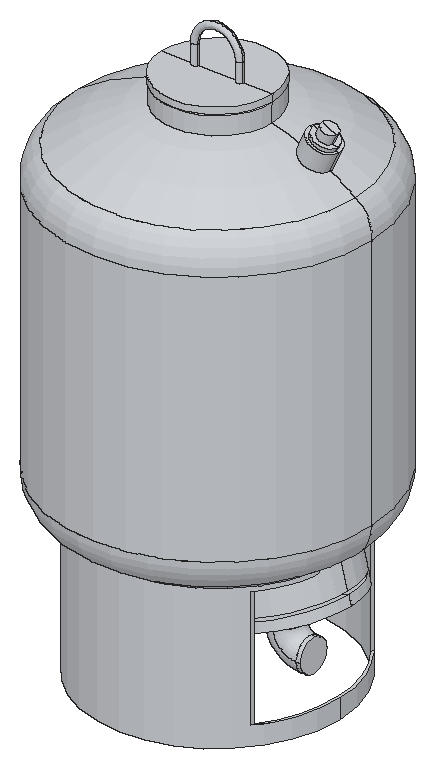
Revit family
Parameters (values of type "WX-447 150# W.P. 10 BAR")
  Weight = "263"
  Tank Volume = "53 Gallons"
  Tank Radius = 12.000"
  Tank Only = 31.813"
  Tank Height/Length = 41.688"
  Tank Diameter = Tank Radius * 2  # 24.000"
  Tank Bottom Corner Radius = 3.229"
  Pipe Connection Radius = 1.000"
  Pipe Connection Diameter = Pipe Connection Radius * 2  # 2.000"
  Model = "WX-447"
  Maximum Acceptance Volume = "34.5 Gallons"
  Max Operating Temp = "240 Deg F"
  Max Operating Pressure = "150 PSI 10 BAR"
  Manufacturer = "Amtrol"
  Lifting Ring Location = Tank Only / 2  # 15.9065"
  Floor to bottom of Tank = 8.438"
  Floor to Elbow Centerline = 3.750"
  Bladder/Diaphragm = "Bladder"
  ASME = no
Types (5): name | Weight | Tank Volume | Tank Only | Tank Height/Length | Model | Maximum Acceptance Volume | Lifting Ring Location
  (no name) | "263" | "53 Gallons" | 31.813" | 41.688" | "WX-447" | "34.5 Gallons" | 15.9065"
  WX-447 150# W.P. 10 BAR | "263" | "53 Gallons" | 31.813" | 41.688" | "WX-447" | "34.5 Gallons" | 15.9065"
  WX-448 150# W.P. 10 BAR | "308" | "80 Gallons" | 45.750" | 55.625" | "WX-448" | "52 Gallons" | 22.875"
  WX-449 150# W.P. 10 BAR | "317" | "106 Gallons" | 59.688" | 69.563" | "WX-449" | "69 Gallons" | 29.844"
  WX-450 150# W.P. 10 BAR | "357" | "132 Gallons" | 73.250" | 83.125" | "WX-450" | "85 Gallons" | 36.625"
Reference planes (in)
  plane 1 "Center (Front/Back)": y = 0
  plane 2: z = 0
  plane 3 "Center (Left/Right)": x = 0
Forms (in)
  Revolve 1, solid
    sketch origin (0, 0, 0) x (1, 0, 0) y (0, 0, 1)
      loop
        line (8.74077, 40.86708) -> (7.46339, 38.12775) -> (8.60438, 37.5957) -> (9.44962, 39.40831) -> (9.22304, 39.51397) -> (9.32725, 39.73746) -> (8.97944, 39.89964) -> (9.30736, 40.60287) -> (8.74077, 40.86708)
      axis (7.46339, 38.12775) -> (8.74077, 40.86708)
    angle from 0 to 360
  Sweep 2, solid
    path origin (0, 0, 0) x (1, 0, 0) y (0, 0, 1)
      loop
        line (1.75, 41.42897) -> (1.75, 43.17897)
        arc (1.75, 43.17897) -> (0, 44.92897) -> (-1.75, 43.17897) r 1.75
        line (-1.75, 43.17897) -> (-1.75, 41.42897)
    profile origin (0, 0, 44.92897) x (0, 0, -1) y (0, -1, 0)
      loop
        circle (0, 0) r 0.25
  Revolve 3, solid
    sketch origin (0, 0, 0) x (1, 0, 0) y (0, 0, 1)
      loop
        line (0, 40.251) -> (0, 8.438)
        arc (0, 8.438) -> (5.66742, 9.33622) -> (10.77231, 11.95663) r 18.174
        arc (10.77231, 11.95663) -> (11.66219, 13.00561) -> (11.98182, 14.34355) r 2.96
        line (11.98182, 14.34355) -> (11.98182, 34.17156)
        arc (11.98182, 34.17156) -> (11.71144, 35.6253) -> (10.77161, 36.76686) r 2.96002
        arc (10.77161, 36.76686) -> (5.66402, 39.36908) -> (0, 40.251) r 18.17373
      axis (0, 8.438) -> (0, 40.251)
    angle from 0 to 360
  Revolve 4, solid
    sketch origin (0, 0, 0) x (1, 0, 0) y (0, 0, 1)
      loop
        line (0, 39.68593) -> (4.25, 39.68593) -> (4.25, 41.07101) -> (1.25, 41.07101) -> (1.25, 41.19601) -> (4.3125, 41.19601) -> (4.3125, 41.69601) -> (0, 41.69601) -> (0, 39.68593)
      axis (0, 39.68593) -> (0, 41.69601)
    angle from 0 to 360
  Revolve 5, solid
    sketch origin (0, 0, 0) x (1, 0, 0) y (0, 0, 1)
      loop
        line (-9.5, 0) -> (-9.3125, 0) -> (-9.3125, 12.25) -> (-9.5, 12.25) -> (-9.5, 0)
      axis (0, 0) -> (0, 12.25)
    angle from 0 to 360
  Extrusion 6, void
    sketch origin (0, 0, 0) x (0, 1, 0) y (0, 0, 1)
      loop
        line (6, 1.5) -> (6, 10.80555) -> (-6, 10.80555) -> (-6, 1.5) -> (6, 1.5)
    from 7.36546 to 12
  Revolve 7, solid
    sketch origin (0, 0, 0) x (1, 0, 0) y (0, 0, 1)
      loop
        line (4.54921, 9.85746) -> (5.34632, 6.8826) -> (10.41743, 8.2414) -> (10.22332, 8.96584) -> (9.31662, 8.72289) -> (9.25191, 8.96438) -> (10.15861, 9.20733) -> (9.62032, 11.21626) -> (4.54921, 9.85746)
      axis (5.34632, 6.8826) -> (4.54921, 9.85746)
    angle from 0 to 360
  Revolve 8, solid
    sketch origin (0, 0, 0) x (1, 0, 0) y (0, 0, 1)
      loop
        line (6.53764, 5.87) -> (6.53764, 7.4427) -> (5.33036, 7.4427) -> (5.33036, 5.87) -> (6.53764, 5.87)
      axis (5.33036, 5.87) -> (5.33036, 7.4427)
    angle from 0 to 360
  Sweep 9, solid
    path origin (0, 0, 0) x (1, 0, 0) y (0, 0, 1)
      loop
        line (5.33036, 5.96092) -> (5.33036, 5.55092)
        arc (5.33036, 5.55092) -> (5.85784, 4.27748) -> (7.13128, 3.75) r 1.80092
        line (7.13128, 3.75) -> (7.48271, 3.75)
    profile origin (5.33036, 0, 5.75592) x (0, -1, 0) y (1, 0, 0)
      loop
        circle (0, 0) r 1.25
  Sweep 10, solid
    path origin (0, 0, 0) x (1, 0, 0) y (0, 0, 1)
      loop
        line (-11.8685, 26.07774) -> (-12.8685, 26.07774)
        arc (-12.8685, 26.07774) -> (-14.6185, 24.32774) -> (-12.8685, 22.57774) r 1.75
        line (-12.8685, 22.57774) -> (-11.8685, 22.57774)
    profile origin (-12.3685, 0, 26.07774) x (0, 0, -1) y (0, -1, 0)
      loop
        circle (0, 0) r 0.25
Cuts and joins
  Extrusion 6 cuts Revolve 3
  Extrusion 6 cuts Revolve 5
Lines and regions (in)
  reference lines
    curve 1: line (0, 0, 8.42124) -> (-1.16317, 0, 8.42124)
Dimensions and locks (in)
  "Tank Only": Revolve 3 sketch curve to Revolve 3 sketch curve
  Revolve 3 sketch curve to Revolve 3 sketch curve = 15.21371"
  Revolve 4 sketch curve to Revolve 3 = 5.51437"
  Revolve 4 sketch curve to Revolve 4 sketch curve = 2.01105"
  Revolve 4 to Sweep 2 sketch curve = 0.26704"  (x2)
  Revolve 1 sketch curve to Revolve 3 = 3.42414"
  Revolve 1 sketch curve to Revolve 3 = 3.95619"
  Revolve 1 sketch curve to Revolve 1 sketch curve = 3.02252"
  Revolve 1 sketch curve to Revolve 1 sketch curve = 2.000"
  Revolve 1 sketch curve to Revolve 1 sketch curve = 2.24659"
  "Floor to Elbow Centerline": Sweep 9 sketch curve to level
  "Floor to bottom of Tank": Revolve 3 sketch curve to level
  "Lifting Ring Location": Sweep 10 sketch curve to curve 1
  radius of Revolve 3 sketch curve = 18.17373"
  radius of Revolve 3 sketch curve = 2.96002"
  aligned and locked: import instance to plane 1 "Center (Front/Back)"
Automatic sketch dimensions
  Sweep 2 sketch curve to plane 1 "Center (Front/Back)" = 0.000"
  Sweep 2 sketch curve to profile plane = 0.000"
  Revolve 3 sketch curve to plane 3 "Center (Left/Right)" = 0.000"  (x2)
  plane 3 "Center (Left/Right)" to Revolve 3 sketch curve = 0.02453"
  plane 3 "Center (Left/Right)" to Revolve 3 sketch curve = 0.07094"
  plane 3 "Center (Left/Right)" to Revolve 3 sketch curve = 9.02182"
  plane 3 "Center (Left/Right)" to Revolve 3 sketch curve = 9.02876"
  Revolve 3 sketch curve to Revolve 3 sketch curve = 1.75049"
  Revolve 3 sketch curve to Revolve 3 sketch curve = 0.000"  (x2)
  Revolve 3 sketch curve to Revolve 3 sketch curve = 1.20951"
  Revolve 3 sketch curve to Revolve 3 sketch curve = 13.187"
  Revolve 4 sketch curve to plane 3 "Center (Left/Right)" = 0.000"  (x2)
  plane 3 "Center (Left/Right)" to Revolve 4 sketch curve = 1.250"
  Revolve 4 sketch curve to Revolve 4 sketch curve = 3.000"
  Revolve 4 sketch curve to Revolve 4 sketch curve = 0.0625"
  Revolve 4 sketch curve to Revolve 4 sketch curve = 0.000"
  Revolve 4 sketch curve to Revolve 4 sketch curve = 0.125"
  Revolve 4 sketch curve to Revolve 4 sketch curve = 0.500"
  Revolve 4 sketch curve to Revolve 4 sketch curve = 4.73992"
  Sweep 2 sketch curve to plane 3 "Center (Left/Right)" = 0.000"
  Sweep 2 sketch curve to Sweep 2 sketch curve = 1.750"  (x2)
  plane 3 "Center (Left/Right)" to Revolve 1 sketch curve = 6.69617"
  Revolve 1 sketch curve to Revolve 1 sketch curve = 0.76723"
  Revolve 1 sketch curve to Revolve 1 sketch curve = 1.14099"
  Revolve 1 sketch curve to Revolve 1 sketch curve = 0.47017"
  Revolve 1 sketch curve to Revolve 1 sketch curve = 0.22658"
  Revolve 1 sketch curve to Revolve 1 sketch curve = 0.80808"
  Revolve 1 sketch curve to Revolve 1 sketch curve = 1.64532"
  Revolve 1 sketch curve to Revolve 1 sketch curve = 1.73292"
  Revolve 5 sketch curve to level = 0.000"  (x2)
  Revolve 5 sketch curve to plane 3 "Center (Left/Right)" = 0.000"
  Revolve 5 sketch curve to plane 3 "Center (Left/Right)" = 9.3125"
  Revolve 5 sketch curve to Revolve 5 sketch curve = 0.1875"
  level to Revolve 5 sketch curve = 12.250"
  Revolve 5 sketch curve to Revolve 5 sketch curve = 0.000"
  plane 1 "Center (Front/Back)" to Extrusion 6 sketch curve = 6.000"
  Extrusion 6 sketch curve to plane 1 "Center (Front/Back)" = 6.000"
  Extrusion 6 sketch curve to Extrusion 6 sketch curve = 9.30555"
  level to Extrusion 6 sketch curve = 1.500"
  plane 3 "Center (Left/Right)" to Revolve 7 sketch curve = 3.79341"
  Revolve 7 sketch curve to Revolve 7 sketch curve = 0.75581"
  Revolve 7 sketch curve to Revolve 7 sketch curve = 0.53829"
  Revolve 7 sketch curve to Revolve 7 sketch curve = 0.25882"
  Revolve 7 sketch curve to Revolve 7 sketch curve = 4.16441"
  level to Revolve 7 sketch curve = 8.72289"
  Revolve 7 sketch curve to Revolve 7 sketch curve = 0.06471"
  Revolve 7 sketch curve to Revolve 7 sketch curve = 0.36841"
  Revolve 7 sketch curve to Revolve 7 sketch curve = 0.9067"
  level to Revolve 7 sketch curve = 8.96584"
  level to Revolve 7 sketch curve = 8.2414"
  Revolve 7 sketch curve to Revolve 7 sketch curve = 0.96593"
  Revolve 7 sketch curve to Revolve 7 sketch curve = 2.8207"
  plane 3 "Center (Left/Right)" to Revolve 8 sketch curve = 5.33036"
  Revolve 8 sketch curve to Revolve 8 sketch curve = 0.000"  (x2)
  Revolve 8 sketch curve to Revolve 8 sketch curve = 1.20728"
  level to Revolve 8 sketch curve = 5.870"
  Revolve 8 sketch curve to Revolve 8 sketch curve = 1.5727"
  Revolve 8 sketch curve to Revolve 8 sketch curve = 1.1773"
  plane 3 "Center (Left/Right)" to Sweep 9 sketch curve = 5.33036"
  Sweep 9 sketch curve to Sweep 9 sketch curve = 1.80092"  (x2)
  Sweep 9 sketch curve to Sweep 9 sketch curve = 0.35143"
  Sweep 9 sketch curve to Sweep 9 sketch curve = 0.410"
  plane 1 "Center (Front/Back)" to Sweep 9 sketch curve = 0.000"
  Sweep 9 sketch curve to profile plane = 0.000"
  curve 1 to plane 3 "Center (Left/Right)" = 0.000"
  curve 1 to curve 1 = 1.16317"
  level to curve 1 = 8.42124"
  Sweep 10 sketch curve to plane 3 "Center (Left/Right)" = 12.8685"
  Sweep 10 sketch curve to Sweep 10 sketch curve = 1.000"  (x2)
  Sweep 10 sketch curve to Sweep 10 sketch curve = 1.750"
  Sweep 10 sketch curve to plane 1 "Center (Front/Back)" = 0.000"
  Sweep 10 sketch curve to profile plane = 0.000"
  radius of Sweep 2 sketch curve = 0.250"
  radius of Sweep 9 sketch curve = 1.250"
  radius of Sweep 10 sketch curve = 0.250"
Connectors (in)
  piping at (7.48271, 0, 3.75), driven by "Pipe Connection Radius"
    settings: on Sweep 9, index 1
